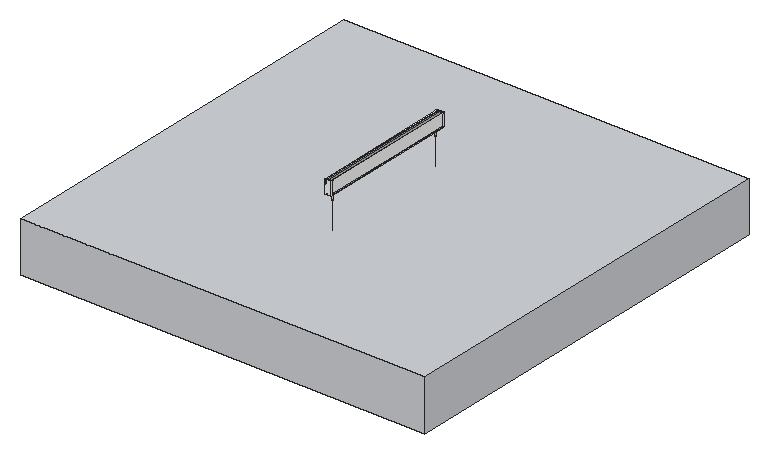
Revit family "LAMP_FIL 35 840MM OPAL COMFORT SUSPENDED", category Luminarias, Revit 2018
Family settings
  Anfitrión = Cara
  Cota de conector redondo = Diámetro de uso
  Tipo de pieza = Normal
  Corte con vacíos al cargar = No
  Origen de luz = Sí
  Compartido = No
  Punto de cálculo de habitación = No
Parameters (values of type "834LM 3000K  BLACK")
  Ángulo de inclinación = -90.00°
  Weight = 1.76 kg
  Wattage = 8.8 W
  Type = "MID POWER TRIDONIC"
  built-in parameter 1150107 = 3000 (stored number, unit not read)
  NOT COVER 2 [instance] = not(END COVER 2)  # no
  NOT COVER 1 [instance] = not(END COVER 1)  # no
  END COVER 2 [instance] = yes
  END COVER 1 [instance] = yes
  Suspension distance [instance] = if(Suspension > 4000 mm, 4000 mm, if(Suspension < 1 mm, 1 mm, Suspension))  # 200 mm
  Suspension [instance] = 200 mm
  built-in parameter 1150110 = 1 (stored number, unit not read)
  built-in parameter 1150109 = 1 (stored number, unit not read)
  built-in parameter 1150112 = 1 (stored number, unit not read)
  built-in parameter 1150113 = 1 (stored number, unit not read)
  built-in parameter 1114218 = 1 (stored number, unit not read)
  Protection rating = "IP20 / IK07"
  Product datasheet = "http://www.lamp.es/product-files/TECH/F31SF084LOOC830NB-EN.pdf"
  Product code = "F31SF084LOOC830NB"
  Product URL = "https://www.lamp.es/en/family/fil-35_413911"
  Power Supply = "220-240V 50/60Hz"
  Power = 8 W
  Plum = 8.8 W
  Photobiological risk = ""
  built-in parameter 1150137 = (empty or 0)
  built-in parameter 1150132 = 2
  Modelo = Product code  # "F31SF084LOOC830NB"
  Model Explanation = ""
  Material suspension = LAMP_Acero genérico
  Material perfil = LAMP_Aluminio Perfil Fil NG
  Material difusor = LAMP_PC Difusor Opal Fil
  Manufacturer name = "LAMP"
  Manufacturer country = "Spain"
  Manufacturer URL = "http://www.lamp.es/en"
  MacAdam = "3"
  Longitud de línea de emisión = 840 mm
  Last update = "28/04/2021"
  Lamp = "MID-POWER LED"
  LED Lifetime = "50.000 L90 B10"
  built-in parameter 1150105 = 329.65 (stored number, unit not read)
  built-in parameter 1150102 = (empty or 0)
  Insulation class = "I"
  Installation instructions = "https://www.lamp.es/product-files/INS/1004590-A%20INSTR.%20FIL35.pdf"
  built-in parameter 1150106 = 3.2965 (stored number, unit not read)
  IEE = "A+"
  Gear = "Electronic"
  Lumens = 834.24 lm
  Finish = "Matte black RAL 9011"
  Color Filter = 16777215
  built-in parameter 1114217 = 1 (stored number, unit not read)
  built-in parameter 1150139 = (empty or 0)
  Fabricante = Manufacturer name  # "LAMP"
  Default Elevation = 1219.2 mm
  built-in parameter 1150104 = 8.8072 (stored number, unit not read)
  Efficacy = 94.8 lm/W
  Dimensions = "840x35x80"
  Descripción = "FIL35 SUR 840 1200 WW OP COMF BK."
  built-in parameter 1150115 = 1 (stored number, unit not read)
  built-in parameter 1150114 = 1 (stored number, unit not read)
  built-in parameter 1150138 = (empty or 0)
  built-in parameter 1150134 = 3
  Dimming Lamp Color Temperature Shift = (empty or 0)
  CRI = "80"
  Archivo de red fotométrica = "F31SF084LOOC830NB.IES"
  built-in parameter 1150133 = 10 (stored number, unit not read)
Types (12, lengths in mm): name | built-in parameter 1150107 | Product datasheet | Product code | Modelo | Material perfil | Finish | Descripción | Archivo de red fotométrica
  834LM 3000K DALI BLACK | 3000 (stored number, unit not read) | "http://www.lamp.es/product-files/TECH/F31SF084LOOC830DB-EN.pdf" | "F31SF084LOOC830DB" | "F31SF084LOOC830DB" | LAMP_Aluminio Perfil Fil NG | "Matte black RAL 9011" | "FIL35 SUR 840 1200 WW OP COMF DALI BK." | "F31SF084LOOC830nB.IES"
  834LM 3000K DALI GREY | 3000 (stored number, unit not read) | "http://www.lamp.es/product-files/TECH/F31SF084LOOC830DG-EN.pdf" | "F31SF084LOOC830DG" | "F31SF084LOOC830DG" | LAMP_Aluminio Perfil Fil GR | "Gloss grey" | "FIL35 SUR 840 1200 WW OP COMF DALI GR." | "F31SF084LOOC830nG.IES"
  834LM 3000K DALI WHITE | 3000 (stored number, unit not read) | "http://www.lamp.es/product-files/TECH/F31SF084LOOC830DW-EN.pdf" | "F31SF084LOOC830DW" | "F31SF084LOOC830DW" | LAMP_Aluminio Perfil Fil BL | "Matte white RAL 9010" | "FIL35 SUR 840 1200 WW OP COMF DALI WH." | "F31SF084LOOC830nW.IES"
  834LM 3000K  BLACK | 3000 (stored number, unit not read) | "http://www.lamp.es/product-files/TECH/F31SF084LOOC830NB-EN.pdf" | "F31SF084LOOC830NB" | "F31SF084LOOC830NB" | LAMP_Aluminio Perfil Fil NG | "Matte black RAL 9011" | "FIL35 SUR 840 1200 WW OP COMF BK." | "F31SF084LOOC830NB.IES"
  834LM 3000K  GREY | 3000 (stored number, unit not read) | "http://www.lamp.es/product-files/TECH/F31SF084LOOC830NG-EN.pdf" | "F31SF084LOOC830NG" | "F31SF084LOOC830NG" | LAMP_Aluminio Perfil Fil GR | "Gloss grey" | "FIL35 SUR 840 1200 WW OP COMF GR." | "F31SF084LOOC830NG.IES"
  834LM 3000K  WHITE | 3000 (stored number, unit not read) | "http://www.lamp.es/product-files/TECH/F31SF084LOOC830NW-EN.pdf" | "F31SF084LOOC830NW" | "F31SF084LOOC830NW" | LAMP_Aluminio Perfil Fil BL | "Matte white RAL 9010" | "FIL35 SUR 840 1200 WW OP COMF WH." | "F31SF084LOOC830NW.IES"
  834LM 4000K DALI BLACK | 4000 (stored number, unit not read) | "http://www.lamp.es/product-files/TECH/F31SF084LOOC840DB-EN.pdf" | "F31SF084LOOC840DB" | "F31SF084LOOC840DB" | LAMP_Aluminio Perfil Fil NG | "Matte black RAL 9011" | "FIL35 SUR 840 1200 NW OP COMF DALI BK." | "F31SF084LOOC840nB.IES"
  834LM 4000K DALI GREY | 4000 (stored number, unit not read) | "http://www.lamp.es/product-files/TECH/F31SF084LOOC840DG-EN.pdf" | "F31SF084LOOC840DG" | "F31SF084LOOC840DG" | LAMP_Aluminio Perfil Fil GR | "Gloss grey" | "FIL35 SUR 840 1200 NW OP COMF DALI GR." | "F31SF084LOOC840nG.IES"
  834LM 4000K DALI WHITE | 4000 (stored number, unit not read) | "http://www.lamp.es/product-files/TECH/F31SF084LOOC840DW-EN.pdf" | "F31SF084LOOC840DW" | "F31SF084LOOC840DW" | LAMP_Aluminio Perfil Fil BL | "Matte white RAL 9010" | "FIL35 SUR 840 1200 NW OP COMF DALI WH." | "F31SF084LOOC840nW.IES"
  834LM 4000K  BLACK | 4000 (stored number, unit not read) | "http://www.lamp.es/product-files/TECH/F31SF084LOOC840NB-EN.pdf" | "F31SF084LOOC840NB" | "F31SF084LOOC840NB" | LAMP_Aluminio Perfil Fil NG | "Matte black RAL 9011" | "FIL35 SUR 840 1200 NW OP COMF BK." | "F31SF084LOOC840NB.IES"
  834LM 4000K  GREY | 4000 (stored number, unit not read) | "http://www.lamp.es/product-files/TECH/F31SF084LOOC840NG-EN.pdf" | "F31SF084LOOC840NG" | "F31SF084LOOC840NG" | LAMP_Aluminio Perfil Fil GR | "Gloss grey" | "FIL35 SUR 840 1200 NW OP COMF GR." | "F31SF084LOOC840NG.IES"
  834LM 4000K  WHITE | 4000 (stored number, unit not read) | "http://www.lamp.es/product-files/TECH/F31SF084LOOC840NW-EN.pdf" | "F31SF084LOOC840NW" | "F31SF084LOOC840NW" | LAMP_Aluminio Perfil Fil BL | "Matte white RAL 9010" | "FIL35 SUR 840 1200 NW OP COMF WH." | "F31SF084LOOC840NW.IES"
Reference planes
  plane 1 "Centro (Frontal/Posterior)": y = 0
  plane 2: z = 0
  plane 3 "Centro (Izquierda/Derecha)": x = 0
Forms (mm)
  Extrusion 1, solid
    sketch origin (0, 0, 0) x (1, 0, 0) y (0, 1, 0)
      loop
        line (-1219.2, 1219.2) -> (-1219.2, -1219.2) -> (1219.2, -1219.2) -> (1219.2, 1219.2) -> (-1219.2, 1219.2)
    from 0 to -304.8
  Extrusion 2, solid, material "LAMP_Aluminio Perfil Fil NG" <- "Material perfil"
    sketch origin (0, 0, 0) x (1, 0, 0) y (0, 0, 1)
      loop
        arc (17.75, 285.7) -> (16.75, 286.7) -> (15.75, 285.7) r 1
        line (15.75, 285.7) -> (15.75, 284.2) -> (13.95, 284.2) -> (13.95, 259) -> (0, 259) -> (-13.95, 259) -> (-13.95, 284.2) -> (-15.75, 284.2) -> (-15.75, 285.7)
        arc (-15.75, 285.7) -> (-16.75, 286.7) -> (-17.75, 285.7) r 1
        line (-17.75, 285.7) -> (-17.75, 206.5) -> (-16.75, 206.5) -> (-16.75, 209.7) -> (-12.5, 209.7) -> (-12.5, 207.7) -> (-14.8, 207.7) -> (-13.6, 206.5) -> (-11, 206.5) -> (-11, 214.5) -> (0, 214.5) -> (11, 214.5) -> (11, 206.5) -> (13.6, 206.5) -> (14.8, 207.7) -> (12.5, 207.7) -> (12.5, 209.7) -> (16.75, 209.7) -> (16.75, 206.5) -> (17.75, 206.5) -> (17.75, 285.7)
    from -420 to 420
  Extrusion 3, solid, material "LAMP_Acero genérico" <- "Material suspension"
    sketch origin (0, 0, 0) x (1, 0, 0) y (0, 0, 1)
      loop
        line (-12.5, 201) -> (-15.291, 208.272) -> (-13.251, 209.7) -> (-14.251, 209.7) -> (-16.291, 208.272) -> (-13.116, 200) -> (0, 200) -> (13.116, 200) -> (16.291, 208.272) -> (14.251, 209.7) -> (13.251, 209.7) -> (15.291, 208.272) -> (12.5, 201) -> (0, 201) -> (-12.5, 201)
    from -400 to -378
  Extrusion 4, solid, material "LAMP_Acero genérico" <- "Material suspension"
    sketch origin (0, -24, 0) x (1, 0, 0) y (0, 1, 0)
      loop
        circle (0, -365) r 5
    from 163.2 to 200
  Extrusion 5, solid, material "LAMP_Acero genérico" <- "Material suspension"
    sketch origin (0, 24, 0) x (1, 0, 0) y (0, 1, 0)
      loop
        circle (0, 365) r 5
    from 163.2 to 200
  Extrusion 6, solid, material "LAMP_Acero genérico" <- "Material suspension"
    sketch origin (0, 0, 0) x (1, 0, 0) y (0, 1, 0)
      loop
        circle (0, -389) r 1
    from 0 to 163.2
  Extrusion 7, solid, material "LAMP_Acero genérico" <- "Material suspension"
    sketch origin (0, 0, 0) x (1, 0, 0) y (0, 1, 0)
      loop
        circle (0, 389) r 1
    from 0 to 163.2
  Extrusion 8, solid, material "LAMP_PC Difusor Opal Fil" <- "Material difusor"
    sketch origin (0, 0, -200) x (1, 0, 0) y (0, 0, 1)
      loop
        line (-15.75, 484.2) -> (0, 484.2) -> (15.75, 484.2) -> (15.75, 486.7) -> (0, 486.7) -> (-15.75, 486.7) -> (-15.75, 484.2)
    from 420 to -420
  Extrusion 9, solid, material "LAMP_Acero genérico" <- "Material suspension"
    sketch origin (0, 0, 0) x (1, 0, 0) y (0, 0, -1)
      loop
        line (-12.5, -201) -> (0, -201) -> (12.5, -201) -> (15.291, -208.272) -> (13.251, -209.7) -> (14.251, -209.7) -> (16.291, -208.272) -> (13.116, -200) -> (0, -200) -> (-13.116, -200) -> (-16.291, -208.272) -> (-14.251, -209.7) -> (-13.251, -209.7) -> (-15.291, -208.272) -> (-12.5, -201)
    from -400 to -378
  Extrusion 10, solid, material "LAMP_PC Difusor Opal Fil" <- "Material difusor"
    sketch origin (0, 0, 0) x (1, 0, 0) y (0, 0, 1)
      loop
        line (-11, 214.5) -> (-11, 206.5) -> (-7.529, 206.5) -> (11, 206.5) -> (11, 214.5) -> (10, 214.5) -> (10, 207.5) -> (-10, 207.5) -> (-10, 214.5) -> (-11, 214.5)
    from 420 to -420
Lines and regions (mm)
  reference lines
    curve 1: line (0, -445.47, 200) -> (0, 544.53, 200)
Text (mm)
  text "Any modification of the parameters and properties of the LAMP BIM models must be executed and validated by the LAMP technical department.\nPhone: +34 93 736 68 00\nE-mail: lamp@lamp.es\n\nLAMP reserves the right to modify the technical specifications of its products." at (3279.264, 5298.162, -2684.539), in view "Preview"
Dimensions and locks
  "Suspension distance": level to curve 1
  locked: Extrusion 4 to Extrusion 4 at 36.8
  locked: Extrusion 5 to Extrusion 5 at 36.8
  aligned and locked: plane 2 to Extrusion 1
  aligned and locked: level to Extrusion 1
  aligned and locked: curve 1 to Extrusion 9
  aligned and locked: curve 1 to Extrusion 3
  aligned and locked: Extrusion 4 to curve 1
  aligned and locked: Extrusion 5 to curve 1
  aligned and locked: Extrusion 6 to Extrusion 4
  aligned and locked: Extrusion 7 to Extrusion 5
  aligned and locked: Extrusion 2 to Extrusion 9
  aligned and locked: Extrusion 10 to Extrusion 2
  aligned and locked: Extrusion 8 to Extrusion 2
  aligned and locked: imposter light to Extrusion 8
  aligned and locked: Extrusion 2 to nested 1
  aligned and locked: nested 2 to Extrusion 2
Automatic sketch dimensions
  Extrusion 1 sketch curve to Extrusion 1 sketch curve = 2438.4 mm  (x2)
  Extrusion 4 sketch curve to plane 3 "Centro (Izquierda/Derecha)" = 0 mm
  plane 1 "Centro (Frontal/Posterior)" to Extrusion 4 sketch curve = 389 mm
  Extrusion 5 sketch curve to plane 3 "Centro (Izquierda/Derecha)" = 0 mm
  plane 1 "Centro (Frontal/Posterior)" to Extrusion 5 sketch curve = 389 mm
  Extrusion 6 sketch curve to plane 3 "Centro (Izquierda/Derecha)" = 0 mm
  plane 1 "Centro (Frontal/Posterior)" to Extrusion 6 sketch curve = 389 mm
  Extrusion 7 sketch curve to plane 3 "Centro (Izquierda/Derecha)" = 0 mm
  plane 1 "Centro (Frontal/Posterior)" to Extrusion 7 sketch curve = 389 mm
  Extrusion 10 sketch curve to plane 3 "Centro (Izquierda/Derecha)" = 11 mm
  Extrusion 10 sketch curve to Extrusion 10 sketch curve = 1 mm  (x3)
  Extrusion 10 sketch curve to Extrusion 10 sketch curve = 2.471 mm
  plane 3 "Centro (Izquierda/Derecha)" to Extrusion 10 sketch curve = 10 mm
  level to Extrusion 10 sketch curve = 206.5 mm
  Extrusion 10 sketch curve to Extrusion 10 sketch curve = 7 mm  (x2)
  Extrusion 2 sketch curve to plane 3 "Centro (Izquierda/Derecha)" = 0 mm  (x2)
  Extrusion 2 sketch curve to Extrusion 2 sketch curve = 11 mm
  Extrusion 2 sketch curve to Extrusion 2 sketch curve = 1.5 mm  (x4)
  Extrusion 2 sketch curve to Extrusion 2 sketch curve = 1.1 mm  (x2)
  Extrusion 2 sketch curve to plane 3 "Centro (Izquierda/Derecha)" = 13.95 mm
  Extrusion 2 sketch curve to Extrusion 2 sketch curve = 1.2 mm  (x4)
  Extrusion 2 sketch curve to Extrusion 2 sketch curve = 1.8 mm  (x2)
  Extrusion 2 sketch curve to Extrusion 2 sketch curve = 1 mm  (x3)
  plane 3 "Centro (Izquierda/Derecha)" to Extrusion 2 sketch curve = 11 mm
  plane 3 "Centro (Izquierda/Derecha)" to Extrusion 2 sketch curve = 13.95 mm
  Extrusion 2 sketch curve to Extrusion 2 sketch curve = 1.95 mm
  level to Extrusion 2 sketch curve = 206.5 mm
  Extrusion 2 sketch curve to Extrusion 2 sketch curve = 0 mm  (x3)
  Extrusion 2 sketch curve to Extrusion 2 sketch curve = 2 mm  (x2)
  Extrusion 2 sketch curve to Extrusion 2 sketch curve = 4.8 mm
  Extrusion 2 sketch curve to Extrusion 2 sketch curve = 44.5 mm
  Extrusion 2 sketch curve to Extrusion 2 sketch curve = 25.2 mm
  Extrusion 2 sketch curve to Extrusion 2 sketch curve = 26.7 mm
  Extrusion 8 sketch curve to plane 3 "Centro (Izquierda/Derecha)" = 0 mm  (x2)
  Extrusion 8 sketch curve to Extrusion 8 sketch curve = 15.75 mm
  plane 3 "Centro (Izquierda/Derecha)" to Extrusion 8 sketch curve = 15.75 mm
  level to Extrusion 8 sketch curve = 284.2 mm
  Extrusion 9 sketch curve to plane 3 "Centro (Izquierda/Derecha)" = 0 mm  (x2)
  Extrusion 9 sketch curve to Extrusion 9 sketch curve = 12.5 mm
  Extrusion 9 sketch curve to Extrusion 9 sketch curve = 0.616 mm  (x2)
  Extrusion 9 sketch curve to Extrusion 9 sketch curve = 0.751 mm  (x2)
  Extrusion 9 sketch curve to Extrusion 9 sketch curve = 1 mm  (x5)
  Extrusion 9 sketch curve to Extrusion 9 sketch curve = 1.04 mm  (x2)
  plane 3 "Centro (Izquierda/Derecha)" to Extrusion 9 sketch curve = 12.5 mm
  level to Extrusion 9 sketch curve = 209.7 mm
  Extrusion 9 sketch curve to Extrusion 9 sketch curve = 0 mm  (x3)
  Extrusion 9 sketch curve to Extrusion 9 sketch curve = 1.428 mm  (x2)
  Extrusion 9 sketch curve to Extrusion 9 sketch curve = 7.272 mm
  Extrusion 3 sketch curve to plane 3 "Centro (Izquierda/Derecha)" = 0 mm  (x2)
  Extrusion 3 sketch curve to Extrusion 3 sketch curve = 12.5 mm
  Extrusion 3 sketch curve to Extrusion 3 sketch curve = 0.616 mm  (x2)
  Extrusion 3 sketch curve to Extrusion 3 sketch curve = 0.751 mm  (x2)
  Extrusion 3 sketch curve to Extrusion 3 sketch curve = 1 mm  (x5)
  Extrusion 3 sketch curve to Extrusion 3 sketch curve = 1.04 mm  (x2)
  plane 3 "Centro (Izquierda/Derecha)" to Extrusion 3 sketch curve = 12.5 mm
  level to Extrusion 3 sketch curve = 200 mm
  Extrusion 3 sketch curve to Extrusion 3 sketch curve = 7.272 mm  (x2)
  Extrusion 3 sketch curve to Extrusion 3 sketch curve = 0 mm  (x2)
  Extrusion 3 sketch curve to Extrusion 3 sketch curve = 1.428 mm  (x2)
  Extrusion 8 sketch curve to Extrusion 8 sketch curve = 2.5 mm
  plane 1 "Centro (Frontal/Posterior)" to curve 1 = 445.47 mm
  curve 1 to plane 1 "Centro (Frontal/Posterior)" = 544.53 mm
  radius of Extrusion 4 sketch curve = 5 mm
  radius of Extrusion 5 sketch curve = 5 mm
  radius of Extrusion 6 sketch curve = 1 mm
  radius of Extrusion 7 sketch curve = 1 mm
Nested families
  nested 1: "LAMP_FIL 35 END COVER SURFACE" at (0, -421.4, 206.5), visible <- "END COVER 1", type "Blanco"
  nested 2: "LAMP_FIL 35 END COVER SURFACE" at (0, 421.4, 206.5), visible <- "END COVER 2", type "Blanco"
Connectors
  electrical at (0, 389, 200)
    settings: on Extrusion 5, index 1, voltage 230 V, apparent load 0 VA, apparent load phase1 0 VA, apparent load phase2 0 VA, apparent load phase3 0 VA, power factor 1, load classification "Otro", number of poles 1, system type 31, power factor state 1, is connector primary yes, connector utility no, sub classification motor no, connector description ""
Definition of nested family "LAMP_FIL 35 END COVER SURFACE"
  Parameters (values of type "Blanco")
    Material tapa = none
  Reference planes
    plane 1 "Centro (Frontal/Posterior)": y = 0
    plane 2: z = 0
    plane 3 "Centro (Izquierda/Derecha)": x = 0
  Forms (mm)
    Extrusion 1, solid, material <- "Material tapa"
      sketch origin (0, 0, 0) x (0, -1, 0) y (0, 0, 1)
        loop
          line (0, 0) -> (1.4, 0) -> (1.4, 80.5) -> (-1.4, 80.5) -> (-1.4, 0) -> (0, 0)
      from -17.8 to 17.8
  Dimensions and locks
    aligned and locked: level to plane 2
